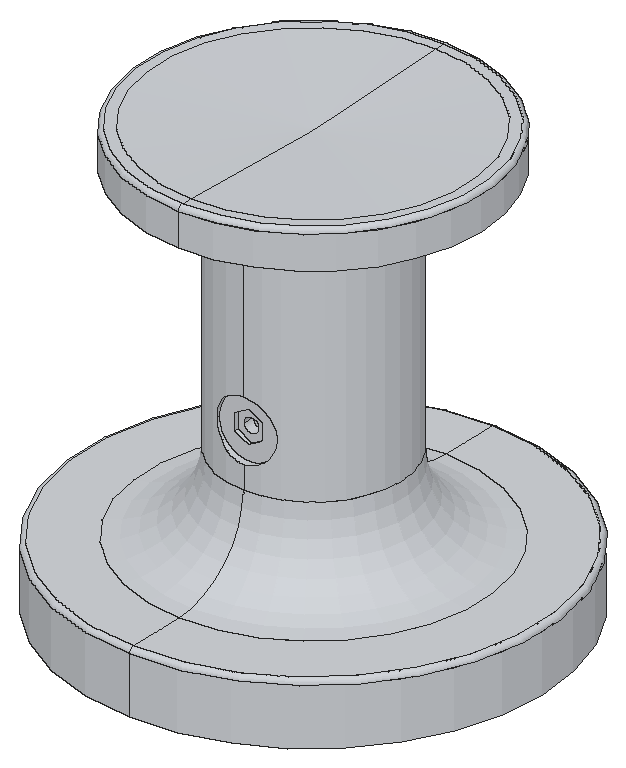
Revit family "Accessory-Robe_Hook-KOHLER-Purist-K-14443", category Generic Models, host Face, Revit 2015
Parameters (values of type "CP-Polished Chrome")
  Width = 1 29/32"  # constant formula
  URL = "https://www.us.kohler.com/us/"
  Type = 1
  Product Page URL = "http://www.us.kohler.com/us/catalog/productDetails.jsp?productNumber=14443"
  Product Name = "Purist"  # constant formula
  Product Documentation Link = "http://www.us.kohler.com/onlinecatalog/pdf/K-14443_spec.pdf"
  Model = if(Type = 1, "K-14443-CP", if(Type = 2, "K-14443-SN", if(Type = 3, "K-14443-BGD", if(Type = 4, "K-14443-BN", if(Type = 5, "K-14443-BV", if(Type = 6, "K-14443-RGD", "0"))))))  # "K-14443-CP"
  Material = "Solid-brass construction"  # constant formula
  MasterFormat 2004 = "10.28.13"  # constant formula
  MasterFormat 1995 = "10820"  # constant formula
  Manufacturer Address = "444 Highland Dr, Kohler, WI 53044"  # constant formula
  Manufacturer = "KOHLER Co."  # constant formula
  Length = 1 29/32"  # constant formula
  Height = 1 13/16"  # constant formula
  Finish = Kohler-Metal-CP-Polished_Chrome
  Environmental Product Declaration = ""
  Description = "Robe hook"  # constant formula
  Default Elevation = 42"
  Declare Label = ""
  Date Modified = "11/23/2017"  # constant formula
  Date Created = "11/23/2017"  # constant formula
  Copyright = "Copyright KOHLER Co."  # constant formula
  Contact Us = "https://www.us.kohler.com/us/static/contact.jsp"
  Assembly Code = "C1030200"
  ADA = no
Types (7): name | Type | Model | Finish
  (no name) | 1 | "K-14443-CP" | Kohler-Metal-CP-Polished_Chrome
  CP-Polished Chrome | 1 | "K-14443-CP" | Kohler-Metal-CP-Polished_Chrome
  SN-Vibrant Polished Nickel | 2 | "K-14443-SN" | Kohler-Metal-SN-Vibrant_Polished_Nickel
  BGD-Vibrant Moderne Brushed Gold | 3 | "K-14443-BGD" | Kohler-Metal-BGD-Vibrant_Moderne_Brushed_Gold
  BN-Vibrant Brushed Nickel | 4 | "K-14443-BN" | Kohler-Metal-BN-Vibrant_Brushed_Nickel
  BV-Vibrant Brushed Bronze | 5 | "K-14443-BV" | Kohler-Metal-BV-Brushed_Bronze
  RGD-Vibrant Rose Gold | 6 | "K-14443-RGD" | Kohler-Metal-RGD-Polished_Rose_Gold
Reference planes (in)
  plane 1 "Center (Front/Back)": y = 0
  plane 2: z = 0
  plane 3 "Center (Left/Right)": x = 0
  plane 4: x = -0.95345
  plane 5: x = 0.9528
  plane 6: z = 1.8125
  plane 7: y = 0.95345
  plane 8: y = -0.9528
Dimensions and locks (in)
  "Length": plane 4 to plane 5
  "Height": plane 6 to plane 2
  "Width": plane 8 to plane 7
  aligned and locked: plane 2 to host face
  aligned and locked: level to host face
Automatic sketch dimensions
  host sketch curve to host sketch curve = 96"  (x2)
Nested families (in)
  nested 1: "K-14443" at (0, 0, 0) x (0, 1, 0) z (0, 0, 1), type "K-14443"
Definition of nested family "K-14443"
  Parameters (values of type "K-14443")
    Finish = none
  Reference planes (in)
    plane 1 "Center (Front/Back)": y = 0
    plane 2: z = 0
    plane 3 "Center (Left/Right)": x = 0
  Forms (in)
    Revolve 1, solid, material <- "Finish"
      sketch origin (0, 0, 0) x (1, 0, 0) y (0, 0, 1)
        loop
          arc (0.69886, 1.77051) -> (0.6932, 1.78447) -> (0.67942, 1.79056) r 0.02006
          arc (0.67942, 1.79056) -> (0.6589, 1.79063) -> (0.63842, 1.78957) r 0.37168
          arc (0.63842, 1.78957) -> (0.31945, 1.77158) -> (0, 1.76828) r 6.94248
          line (0, 1.76828) -> (0, 0) -> (0.95345, 0) -> (0.95345, 0.23476)
          arc (0.95345, 0.23476) -> (0.94733, 0.24954) -> (0.93255, 0.25566) r 0.0209
          line (0.93255, 0.25566) -> (0.69328, 0.25566)
          arc (0.69328, 0.25566) -> (0.45966, 0.35243) -> (0.36289, 0.58605) r 0.33039
          line (0.36289, 0.58605) -> (0.36289, 1.63386) -> (0.69886, 1.63386) -> (0.69886, 1.77051)
        axis (0, 1.79056) -> (0, 0)
      angle from 0 to 360
    Extrusion 2, void
      sketch origin (0, 0, 0) x (0, 1, 0) y (0, 0, 1)
        loop
          circle (-0.00043, 0.80694) r 0.1254
      from -0.3341 to -0.79476
    Extrusion 3, void
      sketch origin (0, 0, 0) x (0, 1, 0) y (0, 0, 1)
        loop
          line (-0.05906, 0.77495) -> (0.00012, 0.74079) -> (0.05929, 0.77495) -> (0.05929, 0.84328) -> (0.00012, 0.87744) -> (-0.05906, 0.84328) -> (-0.05906, 0.77495)
      from -0.3185 to -0.67538
    Extrusion 4, void
      sketch origin (0, 0, 0) x (0, 1, 0) y (0, 0, 1)
        loop
          circle (0.00066, 0.80694) r 0.03108
      from -0.27356 to -0.67538
  Cuts and joins
    Extrusion 2, Extrusion 3, Extrusion 4 cuts Revolve 1
  Lines and regions (in)
    Masking region 1
      outline origin (0, 0, 0) x (1, 0, 0) y (0, 1, 0)
        loop
          circle (0, 0) r 0.95345
    Masking region 2
      outline origin (0, 0, 0) x (1, 0, 0) y (0, 0, 1)
        loop
          line (-0.69886, 1.79134) -> (-0.69886, 1.63386) -> (-0.36289, 1.63386) -> (-0.36289, 0.93225)
          arc (-0.36289, 0.93225) -> (-0.33972, 0.80693) -> (-0.36289, 0.68161) r 0.35043
          line (-0.36289, 0.68161) -> (-0.36289, 0.56659)
          arc (-0.36289, 0.56659) -> (-0.37435, 0.54034) -> (-0.37855, 0.512) r 0.10863
          arc (-0.37855, 0.512) -> (-0.42597, 0.39167) -> (-0.52357, 0.30679) r 0.27226
          arc (-0.52357, 0.30679) -> (-0.61423, 0.27175) -> (-0.71026, 0.25677) r 0.45474
          line (-0.71026, 0.25677) -> (-0.93082, 0.25677)
          arc (-0.93082, 0.25677) -> (-0.94682, 0.25014) -> (-0.95345, 0.23414) r 0.02263
          line (-0.95345, 0.23414) -> (-0.95345, 0) -> (0, 0) -> (0.95345, 0) -> (0.95345, 0.23414)
          arc (0.95345, 0.23414) -> (0.94682, 0.25014) -> (0.93082, 0.25677) r 0.02263
          line (0.93082, 0.25677) -> (0.71026, 0.25677)
          arc (0.71026, 0.25677) -> (0.61423, 0.27175) -> (0.52357, 0.30679) r 0.45474
          arc (0.52357, 0.30679) -> (0.42597, 0.39167) -> (0.37855, 0.512) r 0.27226
          arc (0.37855, 0.512) -> (0.37435, 0.54034) -> (0.36289, 0.56659) r 0.10863
          line (0.36289, 0.56659) -> (0.36289, 1.63386) -> (0.69886, 1.63386) -> (0.69886, 1.79134) -> (-0.69886, 1.79134)
    Masking region 3
      outline origin (0, 0, 0) x (1, 0, 0) y (0, 0, 1)
        loop
          arc (-0.67499, 1.79134) -> (-0.69187, 1.78435) -> (-0.69886, 1.76747) r 0.02387
          line (-0.69886, 1.76747) -> (-0.69886, 1.63386) -> (-0.36289, 1.63386) -> (-0.36289, 0.93225)
          arc (-0.36289, 0.93225) -> (-0.33972, 0.80693) -> (-0.36289, 0.68161) r 0.35043
          line (-0.36289, 0.68161) -> (-0.36289, 0.56659)
          arc (-0.36289, 0.56659) -> (-0.37435, 0.54034) -> (-0.37855, 0.512) r 0.10863
          arc (-0.37855, 0.512) -> (-0.42597, 0.39167) -> (-0.52357, 0.30679) r 0.27226
          arc (-0.52357, 0.30679) -> (-0.61423, 0.27175) -> (-0.71026, 0.25677) r 0.45474
          line (-0.71026, 0.25677) -> (-0.93082, 0.25677)
          arc (-0.93082, 0.25677) -> (-0.94682, 0.25014) -> (-0.95345, 0.23414) r 0.02263
          line (-0.95345, 0.23414) -> (-0.95345, 0) -> (0, 0) -> (0.95345, 0) -> (0.95345, 0.23414)
          arc (0.95345, 0.23414) -> (0.94682, 0.25014) -> (0.93082, 0.25677) r 0.02263
          line (0.93082, 0.25677) -> (0.71026, 0.25677)
          arc (0.71026, 0.25677) -> (0.61423, 0.27175) -> (0.52357, 0.30679) r 0.45474
          arc (0.52357, 0.30679) -> (0.42597, 0.39167) -> (0.37855, 0.512) r 0.27226
          arc (0.37855, 0.512) -> (0.37435, 0.54034) -> (0.36289, 0.56659) r 0.10863
          line (0.36289, 0.56659) -> (0.36289, 1.63386) -> (0.69886, 1.63386) -> (0.69886, 1.77097)
          arc (0.69886, 1.77097) -> (0.69289, 1.78537) -> (0.67849, 1.79134) r 0.02037
          line (0.67849, 1.79134) -> (-0.67499, 1.79134)
    Masking region 4
      outline origin (0, 0, 0) x (0, 1, 0) y (0, 0, 1)
        loop
          line (-0.69886, 1.79134) -> (-0.69886, 1.63386) -> (-0.36289, 1.63386) -> (-0.36289, 0.56659)
          arc (-0.36289, 0.56659) -> (-0.37435, 0.54034) -> (-0.37855, 0.512) r 0.10863
          arc (-0.37855, 0.512) -> (-0.42597, 0.39167) -> (-0.52357, 0.30679) r 0.27226
          arc (-0.52357, 0.30679) -> (-0.61423, 0.27175) -> (-0.71026, 0.25677) r 0.45474
          line (-0.71026, 0.25677) -> (-0.93082, 0.25677)
          arc (-0.93082, 0.25677) -> (-0.94682, 0.25014) -> (-0.95345, 0.23414) r 0.02263
          line (-0.95345, 0.23414) -> (-0.95345, 0) -> (0, 0) -> (0.95345, 0) -> (0.95345, 0.23414)
          arc (0.95345, 0.23414) -> (0.94682, 0.25014) -> (0.93082, 0.25677) r 0.02263
          line (0.93082, 0.25677) -> (0.71026, 0.25677)
          arc (0.71026, 0.25677) -> (0.61423, 0.27175) -> (0.52357, 0.30679) r 0.45474
          arc (0.52357, 0.30679) -> (0.42597, 0.39167) -> (0.37855, 0.512) r 0.27226
          arc (0.37855, 0.512) -> (0.37435, 0.54034) -> (0.36289, 0.56659) r 0.10863
          line (0.36289, 0.56659) -> (0.36289, 1.63386) -> (0.69886, 1.63386) -> (0.69886, 1.79134) -> (-0.69886, 1.79134)
    symbolic lines, detail levels medium+fine
      curve 1: arc (0.69886, 0, 0) -> (0, 0.69886, 0) -> (-0.69886, 0, 0) r 0.69886
      curve 2: arc (-0.69886, 0, 0) -> (0, -0.69886, 0) -> (0.69886, 0, 0) r 0.69886
      curve 3: line (-0.36289, 0, 1.63386) -> (0.36289, 0, 1.63386)
      curve 4: line (-0.71026, 0, 0.25677) -> (0.71026, 0, 0.25677)
      curve 5: line (-0.36289, 0, 0.56659) -> (0.36289, 0, 0.56659)
      curve 6: arc (0, 0.12497, 0.80694) -> (0, -0.00043, 0.93233) -> (0, -0.12583, 0.80694) r 0.1254
      curve 7: arc (0, -0.12583, 0.80694) -> (0, -0.00043, 0.68154) -> (0, 0.12497, 0.80694) r 0.1254
      curve 8: line (0, -0.05906, 0.77495) -> (0, 0.00012, 0.74079)
      curve 9: line (0, -0.05906, 0.84328) -> (0, -0.05906, 0.77495)
      curve 10: line (0, 0.00012, 0.87744) -> (0, -0.05906, 0.84328)
      curve 11: line (0, 0.05929, 0.84328) -> (0, 0.00012, 0.87744)
      curve 12: line (0, 0.05929, 0.77495) -> (0, 0.05929, 0.84328)
      curve 13: line (0, 0.00012, 0.74079) -> (0, 0.05929, 0.77495)
      curve 14: arc (0, -0.03041, 0.80694) -> (0, 0.00066, 0.77586) -> (0, 0.03174, 0.80694) r 0.03108
      curve 15: arc (0, 0.03174, 0.80694) -> (0, 0.00066, 0.83801) -> (0, -0.03041, 0.80694) r 0.03108
      curve 16: line (0, 0.71026, 0.25677) -> (0, -0.71026, 0.25677)
      curve 17: line (0, 0.36289, 0.56659) -> (0, -0.36289, 0.56659)
      curve 18: line (0, 0.36289, 1.63386) -> (0, -0.36289, 1.63386)
  Dimensions and locks (in)
    aligned and locked: plane 2 to level
